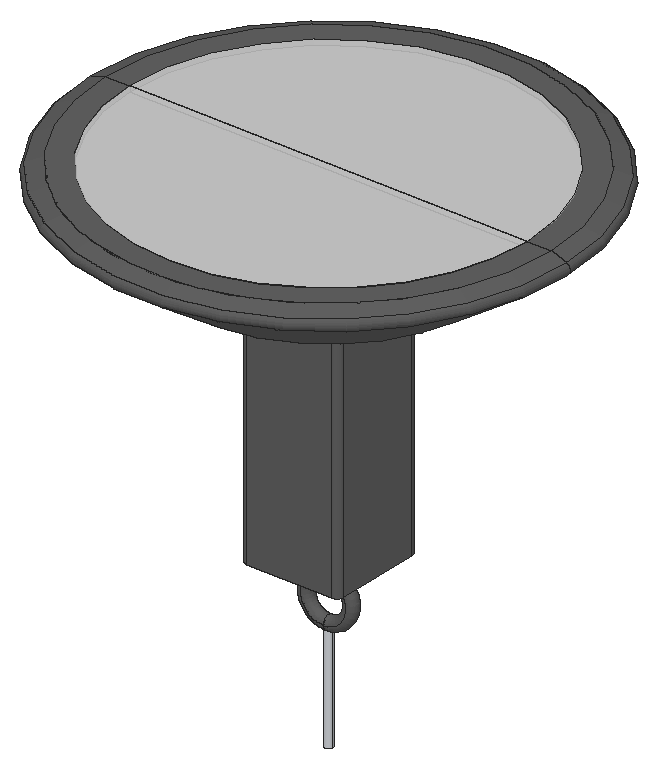
Revit family "0043918", category Lighting Fixtures, host Face, Revit 2016
Family settings
  Host = Face
  Part Type = Normal
  Round Connector Dimension = Use Diameter
  OmniClass Number = 23.80.70.00
  OmniClass Title = Lighting
  Cut with Voids When Loaded = No
  Light Source = Yes
  Shared = No
  Room Calculation Point = No
Parameters (values of type "0043918 ST Hghby HE IP66 1-10V 30000lm 865 WB")
  Weight = "kg"
  Wattage Comments = ""
  Wattage = 195 W
  WarrantyStartDate [instance] = "n/a"
  WarrantyGuarantorParts = "n/a"
  WarrantyDurationUnit = "n/a"
  WarrantyDurationParts = "n/a"
  WarrantyDescription = "n/a"
  built-in parameter 1150110 = 1 (stored number, unit not read)
  Voltage = 230 V
  URL = "http://www.sylvania-lighting.com"
  TypeName = "START  Highbay HE IP66 1-10V 30000lm 865 WB"
  Type Image = <None>
  Type Comments = "n/a"
  built-in parameter 1114217 = 1 (stored number, unit not read)
  Tilt Angle = -90.00°
  built-in parameter 1150109 = 1 (stored number, unit not read)
  built-in parameter 1150134 = 12
  SuspensionHeight_SYL [instance] = 100 mm
  built-in parameter 1150113 = 1 (stored number, unit not read)
  SerialNumber [instance] = "n/a"
  Photometric Web File = "0043918.ies"
  Material_3_SYL = none
  PowerFactor = 0.95
  PowerConsumption = "195 W"
  NominalLength = 365 mm
  NominalHeight = 360 mm
  NominalDepth = 365 mm
  Name = "START  Highbay HE IP66 1-10V 30000lm 865 WB"
  ModelReference = Name  # "START  Highbay HE IP66 1-10V 30000lm 865 WB"
  ModelNumber = "0043918"
  Model = Name  # "START  Highbay HE IP66 1-10V 30000lm 865 WB"
  Material = "adc12 housing"
  ManufacturerName = "Feilo Sylvania"
  Manufacturer = "Feilo Sylvania"
  LuminousEfficacy = "154 lm/W"
  built-in parameter 1150105 = 21410.8 (stored number, unit not read)
  Lumens = 30030 lm
  LuminaireType = ""
  built-in parameter 1150115 = 1 (stored number, unit not read)
  LightOutputRatio = "n/a"
  built-in parameter 1150137 = (empty or 0)
  built-in parameter 1150139 = (empty or 0)
  LampsType = Lamp  # "LED"
  LampNominalLuminous = "30000 lm"
  LampMacAdamStep = "n/a"
  LampColourTemperature = "4000 K"
  LampColourRenderingIndex = "80"
  built-in parameter 1150112 = 1 (stored number, unit not read)
  built-in parameter 1150114 = 1 (stored number, unit not read)
  Lamp = "LED"
  Keynote = "16500"
  InstallationDate [instance] = "n/a"
  InputVoltage = "n/a"
  InputNominalFrequency = "n/a"
  built-in parameter 1150132 = (empty or 0)
  built-in parameter 1150102 = (empty or 0)
  built-in parameter 1150107 = 4000 (stored number, unit not read)
  built-in parameter 1150138 = (empty or 0)
  IngressProtection = "n/a"
  ImpactProtectionIndex = "n/a"
  built-in parameter 1150106 = 214.11 (stored number, unit not read)
  IfcExportType = "IfcLightFixtureType"
  IfcExportAs = "IfcLightFixtureType"
  Emit from Circle Diameter = 298 mm
  Emit Shape Visible in Rendering = no
  ElectricShockClassification = "Class I"
  built-in parameter 1150104 = 14.307 (stored number, unit not read)
  DocumentationLiterature = "http://www.sylvania-lighting.com/product/en-int/products/0043918"
  DimmingControlOptions = "n/a"
  Material_2_SYL = Lens-Sylvania-START+Highbay
  Dimming Lamp Color Temperature Shift = <None>
  Description = ""
  Default Elevation = 1219.2 mm
  CreatedOn = "3/4/2019"
  CreatedBy = "@sylvania-lighting.com"
  Cost = 0
  Color Filter = 16777215
  built-in parameter 1114216 [instance] = (empty or 0)
  ClassificationValue = "EF_70_80"
  ClassificationName = "Uniclass2015"
  Material_1_SYL = Body-Sylvania-START+Highbay
  BarCode [instance] = "n/a"
  built-in parameter 1114218 = 1 (stored number, unit not read)
  built-in parameter 1150133 = 10 (stored number, unit not read)
  AssetType = "Fixed"
  AssetIdentifier [instance] = "n/a"
  Assembly Code = "D5020200"
  Apparent Load = 195 VA
  Material_4_SYL = none
Reference planes
  plane 1 "Center (Front/Back)": y = 0
  plane 2: z = 0
  plane 3 "Center (Left/Right)": x = 0
  plane 4: x = 182.5
  plane 5: x = -182.5
  plane 6: z = 100
  plane 7: z = 391
  plane 8: x = -167
  plane 9: z = 387
  plane 10: z = 378.6
  plane 11: z = 325.3
  plane 12: x = -178.7
  plane 13: x = 102
  plane 14: x = -102
  plane 15: x = 204
  plane 16: z = 126.8
  plane 17: x = -36.8
  plane 18: x = 36.8
  plane 19: y = 36.8
  plane 20: y = -36.8
  plane 21: x = -9
  plane 22: x = 9
  plane 23: z = 117.8
  plane 24: z = 112
  plane 25: z = 117
  plane 26: x = -149
  plane 27: x = -3
  plane 28: z = 84
Forms (mm)
  Revolve 1, solid, material "Body-Sylvania-START+Highbay" <- "Material_1_SYL"
    sketch origin (0, 0, 0) x (1, 0, 0) y (0, 0, 1)
      loop
        line (-149, 391) -> (-167, 391) -> (-178.7, 387)
        arc (-178.7, 387) -> (-180.896, 382.8) -> (-178.7, 378.6) r 5.115
        line (-178.7, 378.6) -> (-117.439, 336.029)
        arc (-117.439, 336.029) -> (-101.14, 328.045) -> (-83.199, 325.3) r 60
        line (-83.199, 325.3) -> (0, 325.3) -> (0, 387) -> (-149, 387) -> (-149, 391)
      axis (0, 391) -> (0, 325.3)
    angle from 360 to 0
  Extrusion 2, solid, material "Body-Sylvania-START+Highbay" <- "Material_1_SYL"
    sketch origin (1223.4, -4572, 325.3) x (0, -1, 0) y (-1, 0, 0)
      loop
        line (-4608.8, 1255.2) -> (-4608.8, 1191.6)
        arc (-4608.8, 1191.6) -> (-4607.336, 1188.064) -> (-4603.8, 1186.6) r 5
        line (-4603.8, 1186.6) -> (-4540.2, 1186.6)
        arc (-4540.2, 1186.6) -> (-4536.664, 1188.064) -> (-4535.2, 1191.6) r 5
        line (-4535.2, 1191.6) -> (-4535.2, 1255.2)
        arc (-4535.2, 1255.2) -> (-4536.664, 1258.736) -> (-4540.2, 1260.2) r 5
        line (-4540.2, 1260.2) -> (-4603.8, 1260.2)
        arc (-4603.8, 1260.2) -> (-4607.336, 1258.736) -> (-4608.8, 1255.2) r 5
    from 0 to 198.5
  Revolve 3, solid, material "Body-Sylvania-START+Highbay" <- "Material_1_SYL"
    sketch origin (0, 0, 0) x (1, 0, 0) y (0, 0, 1)
      loop
        line (0, 126.8) -> (-9, 126.8) -> (-9, 117.8) -> (0, 117.8) -> (0, 126.8)
      axis (0, 126.8) -> (0, 117.8)
    angle from 360 to 0
  Revolve 4, solid, material "Body-Sylvania-START+Highbay" <- "Material_1_SYL"
    sketch origin (0, 0, 0) x (0, 1, 0) y (0, 0, 1)
      loop
        circle (0, 117) r 5
      axis (5, 100) -> (-5, 100)
    angle from 360 to 0
  Revolve 5, solid, material "Lens-Sylvania-START+Highbay" <- "Material_2_SYL"
    sketch origin (0, 0, 0) x (1, 0, 0) y (0, 0, 1)
      loop
        line (-149, 391) -> (-149, 387) -> (0, 387) -> (0, 391) -> (-149, 391)
      axis (0, 391) -> (0, 387)
    angle from 360 to 0
  Revolve 6, solid
    sketch origin (0, 0, 0) x (1, 0, 0) y (0, 0, 1)
      loop
        line (0, 84) -> (-3, 84) -> (-3, 0) -> (0, 0) -> (0, 84)
      axis (0, 84) -> (0, 0)
    angle from 360 to 0
Cuts and joins
  joined: Revolve 3, Revolve 4
Lines and regions (mm)
  reference lines
    curve 1: circle (0, 0, 100) r 12 normal (0, -1, 0)
    curve 2: line (-167, 0, 391) -> (-178.7, 0, 387)
    curve 3: line (-102, 0, 325.3) -> (-178.7, 0, 378.6)
    curve 4: arc (-178.7, 0, 387) -> (-180.896, 0, 382.8) -> (-178.7, 0, 378.6) r 5.115
    curve 5: circle (0, 0, 117) r 5 normal (1, 0, 0)
Dimensions and locks
  "SuspensionHeight_SYL": plane 6 to host face
  locked: plane 7 to plane 6 at 291
  locked: plane 3 "Center (Left/Right)" to plane 8 at 167
  locked: plane 3 "Center (Left/Right)" to plane 5 at 182.5
  locked: plane 3 "Center (Left/Right)" to plane 12 at 178.7
  locked: plane 3 "Center (Left/Right)" to plane 14 at 102
  plane 7 to plane 9 to plane 10 to plane 11 to plane 16 = 4 mm locked, 8.4 mm locked, 53.3 mm locked, 198.5 mm locked
  equal spacing: plane 18, plane 3 "Center (Left/Right)", plane 17
  locked: plane 18 to plane 17 at 73.6
  equal spacing: plane 20, plane 1 "Center (Front/Back)", plane 19
  locked: plane 20 to plane 19 at 73.6
  equal spacing: plane 22, plane 3 "Center (Left/Right)", plane 21
  locked: plane 16 to plane 23 at 9
  locked: plane 6 to plane 24 at 12
  locked: plane 24 to plane 25 at 5
  locked: plane 3 "Center (Left/Right)" to plane 21 at 9
  locked: plane 3 "Center (Left/Right)" to plane 27 at 3
  locked: plane 6 to plane 28 at 16
  aligned and locked: plane 2 to host face
  aligned and locked: level to host face
  aligned and locked: Revolve 1 sketch curve to plane 3 "Center (Left/Right)"
  aligned and locked: Revolve 1 sketch curve to plane 7
  aligned and locked: plane 8 to Revolve 1 sketch curve
  aligned and locked: Revolve 1 sketch curve to curve 2
  aligned and locked: Revolve 1 sketch curve to curve 4
  aligned and locked: Revolve 1 sketch curve to curve 3
  aligned and locked: plane 11 to Revolve 1 sketch curve
  aligned and locked: plane 3 "Center (Left/Right)" to Revolve 1 sketch curve
  aligned and locked: Extrusion 2 sketch curve to plane 19
  aligned and locked: Extrusion 2 sketch curve to plane 17
  aligned and locked: plane 20 to Extrusion 2 sketch curve
  aligned and locked: plane 18 to Extrusion 2 sketch curve
  aligned and locked: Extrusion 2 to plane 11
  aligned and locked: plane 16 to Extrusion 2
  aligned and locked: Revolve 3 sketch curve to plane 3 "Center (Left/Right)"
  aligned and locked: Revolve 3 sketch curve to Extrusion 2
  aligned and locked: plane 3 "Center (Left/Right)" to Revolve 3 sketch curve
  aligned and locked: plane 23 to Revolve 3 sketch curve
  aligned and locked: Revolve 3 sketch curve to plane 21
  aligned and locked: plane 1 "Center (Front/Back)" to curve 5
  aligned and locked: plane 25 to curve 5
  aligned and locked: Revolve 4 sketch curve to curve 5
  aligned and locked: Revolve 4 sketch curve to plane 6
  aligned and locked: Revolve 1 sketch curve to plane 26
  aligned and locked: plane 9 to Revolve 1 sketch curve
  aligned and locked: Revolve 5 sketch curve to plane 3 "Center (Left/Right)"  (x2)
  aligned and locked: Revolve 1 to Revolve 5 sketch curve  (x2)
  aligned and locked: Revolve 5 sketch curve to Revolve 1
  aligned and locked: Revolve 6 sketch curve to plane 3 "Center (Left/Right)"
  aligned and locked: plane 3 "Center (Left/Right)" to Revolve 6 sketch curve
  aligned and locked: Revolve 6 sketch curve to level
  aligned and locked: Revolve 6 sketch curve to plane 27
  aligned and locked: imposter light to plane 1 "Center (Front/Back)"
  aligned and locked: imposter light to plane 7
  aligned and locked: plane 3 "Center (Left/Right)" to imposter light
Automatic sketch dimensions
  host sketch curve to host sketch curve = 2438.4 mm  (x2)
  curve 3 to plane 10 = 0 mm
  curve 3 to plane 12 = 0 mm
  curve 2 to plane 9 = 0 mm
  curve 2 to plane 12 = 0 mm
  curve 2 to plane 7 = 0 mm
  curve 2 to plane 8 = 0 mm
  curve 3 to plane 11 = 0 mm
  curve 3 to plane 14 = 0 mm
  curve 1 to plane 3 "Center (Left/Right)" = 0 mm
  curve 1 to plane 6 = 0 mm
  plane 12 to curve 4 = 2.919 mm
  plane 19 to Extrusion 2 sketch curve = 5 mm  (x2)
  plane 1 "Center (Front/Back)" to Extrusion 2 sketch curve = 31.8 mm
  Extrusion 2 sketch curve to plane 20 = 5 mm
  Revolve 3 sketch curve to level = 609.6 mm
  Revolve 3 sketch curve to plane 7 = 2308.058 mm
  plane 20 to Revolve 4 sketch curve = 2518.141 mm
  Revolve 4 sketch curve to plane 19 = 2060.609 mm
  Revolve 1 sketch curve to plane 10 = 0 mm
  Revolve 1 sketch curve to plane 11 = 10.729 mm
  plane 9 to Revolve 1 sketch curve = 1.7 mm
  Revolve 1 sketch curve to level = 609.6 mm
  Revolve 1 sketch curve to plane 7 = 2308.058 mm
  Revolve 5 sketch curve to level = 609.6 mm
  Revolve 5 sketch curve to Revolve 5 sketch curve = 2308.058 mm
  Revolve 6 sketch curve to plane 28 = 0 mm
  Revolve 6 sketch curve to level = 609.6 mm
  Revolve 6 sketch curve to plane 7 = 1818.058 mm
  radius of curve 1 = 12 mm
  radius of curve 5 = 5 mm
Connectors
  electrical at (0, 0, 325.3), driven by "Voltage", driven by "Apparent Load", driven by "PowerFactor"
    settings: on Extrusion 2, index 1, voltage 230 V, apparent load 0 VA, apparent load phase1 195 VA, apparent load phase2 0 VA, apparent load phase3 0 VA, power factor 0.95, load classification "Other", number of poles 1, system type 31, power factor state 1, is connector primary yes, connector utility no, sub classification motor no, connector description ""
